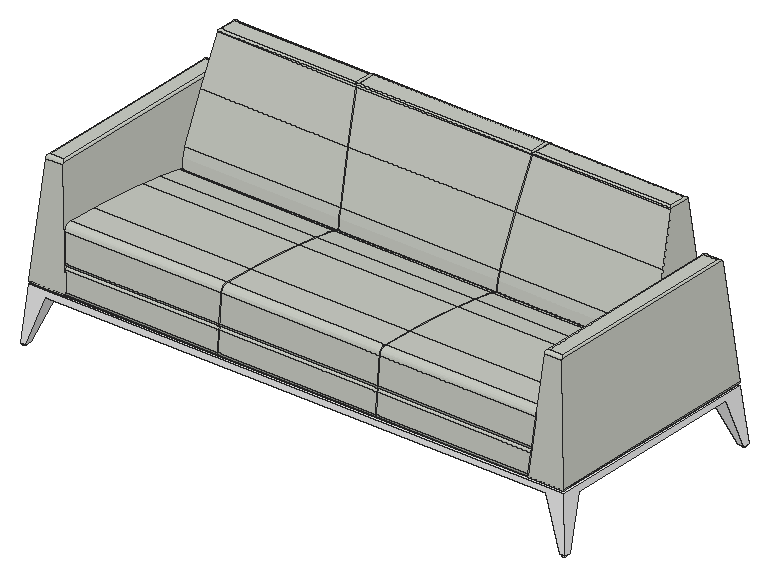
Revit family "Elan_VertexTwo_Sofa", category Furniture, Revit 2010
Parameters
  Width = 6' - 4"  # constant formula
  URL = "http://elanbydecca.com/"
  Upholstery [instance] = Furniture - DECCA (Elan) - Vertex - Upholstery
  Base [instance] = Furniture - DECCA (Elan) - Vertex - Base
  Product URL = "http://elanbydecca.com/PDFs/elan_tearsheet-vertex.pdf"
  Model = "VT LL500"
  Manufacturer = "Decca Contract"
  Height = 2' - 6"  # constant formula
  Description = "Vertex Two Sofa"
  Depth = 2' - 9"  # constant formula
  Assembly Description = "Furniture & Accessories"
  Assembly Code = "E2020200"
Reference planes (in)
  plane 1 "Center Front/Back": y = -0.7524
  plane 2: z = 0
  plane 3 "Center Left/Right": x = 0
  plane 4 "L": x = -38
  plane 5 "R": x = 38
  plane 6 "F": y = -16.7524
  plane 7: y = 15.2476
  plane 8: through (-6.25338, 2.33237, 23.38953) normal (0.4297, -0.4297, 0.7941)
  plane 9: z = 30
  plane 10: z = 16
  plane 11: x = -37.36862
  plane 12: x = -34.58452
  plane 13: x = -37.22423
  plane 14: x = 37.36862
  plane 15: x = 37.22423
  plane 16: z = 6.69972
  plane 17 "BT": z = 7.44949
  plane 18: z = 7.70022
  plane 19: x = -32.25435
  plane 20: x = 32.25435
  plane 21: z = 23.5
  plane 22: y = 14.61374
  plane 23: y = 14.47183
  plane 24: y = -16.11854
  plane 25: y = -15.97663
  plane 26: z = 0.19972
  plane 27: through (-15.22423, -180, 0.19694) normal (-0.9397, 0, 0.342)
  plane 28: through (0, 14.47183, 0.19694) normal (0, 0.9391, 0.3436)
  plane 29: y = 11.81791
  plane 30: y = -13.32271
  plane 31: x = 34.58452
  plane 32: through (0, 13.25934, 22.69446) normal (0, 0.9964, 0.0844)
  plane 33: through (0, -15.40972, 15.47123) normal (0, 0.9964, -0.0847)
  plane 34: through (-10.60194, -180, 18.93287) normal (0.996, 0, -0.0897)
  plane 35: through (10.60194, -180, 18.93287) normal (0.996, 0, 0.0897)
  plane 36: through (-10.60194, -180, 13.06713) normal (-0.996, 0, -0.0897)
  plane 37: through (10.60194, -180, 13.06713) normal (-0.996, 0, 0.0897)
  plane 38: z = 30
  plane 39: through (0, -14.08862, 10.99599) normal (0, 0.1045, 0.9945)
Forms (in)
  Blend 1, solid, material "Furniture - DECCA (Elan) - Vertex - Base" <- "Base"
    base sketch origin (0, 0, 8.32075) x (0, -1, 0) y (1, 0, 0)
      loop
        line (-15.2476, -38) -> (-14.47183, -38) -> (-14.47183, -37.22423) -> (-15.2476, -37.22423) -> (-15.2476, -38)
    top sketch origin (0, 0, 8.32075) x (0, -1, 0) y (1, 0, 0)
      loop
        line (-14.61374, -37.36862) -> (-11.81791, -37.36862) -> (-11.81791, -34.58452) -> (-14.61374, -34.58452) -> (-14.61374, -37.36862)
    from -8.12381 to -0.87126
  Blend 2, solid, material "Furniture - DECCA (Elan) - Vertex - Base" <- "Base"
    base sketch origin (0, -1.5048, 8.32075) x (0, -1, 0) y (1, 0, 0)
      loop
        line (15.2476, -38) -> (15.2476, -37.22423) -> (14.47183, -37.22423) -> (14.47183, -38) -> (15.2476, -38)
    top sketch origin (0, -1.5048, 8.32075) x (0, -1, 0) y (1, 0, 0)
      loop
        line (14.61374, -37.36862) -> (14.61374, -34.58452) -> (11.81791, -34.58452) -> (11.81791, -37.36862) -> (14.61374, -37.36862)
    from -8.12381 to -0.87126
  Blend 3, solid, material "Furniture - DECCA (Elan) - Vertex - Base" <- "Base"
    base sketch origin (0, -1.5048, 8.32075) x (0, 1, 0) y (-1, 0, 0)
      loop
        line (-15.2476, -38) -> (-14.47183, -38) -> (-14.47183, -37.22423) -> (-15.2476, -37.22423) -> (-15.2476, -38)
    top sketch origin (0, -1.5048, 8.32075) x (0, 1, 0) y (-1, 0, 0)
      loop
        line (-14.61374, -37.36862) -> (-11.81791, -37.36862) -> (-11.81791, -34.58452) -> (-14.61374, -34.58452) -> (-14.61374, -37.36862)
    from -8.12381 to -0.87126
  Blend 4, solid, material "Furniture - DECCA (Elan) - Vertex - Base" <- "Base"
    base sketch origin (0, 0, 8.32075) x (0, 1, 0) y (-1, 0, 0)
      loop
        line (15.2476, -38) -> (15.2476, -37.22423) -> (14.47183, -37.22423) -> (14.47183, -38) -> (15.2476, -38)
    top sketch origin (0, 0, 8.32075) x (0, 1, 0) y (-1, 0, 0)
      loop
        line (14.61374, -37.36862) -> (14.61374, -34.58452) -> (11.81791, -34.58452) -> (11.81791, -37.36862) -> (14.61374, -37.36862)
    from -8.12381 to -0.87126
  Extrusion 5, solid, material "Furniture - DECCA (Elan) - Vertex - Base" <- "Base"
    sketch origin (0, 0, 0) x (0, 1, 0) y (0, 0, 1)
      loop
        line (14.67927, 6.69972) -> (14.61374, 7.44949) -> (11.81791, 7.44949) -> (11.81791, 6.69972) -> (14.67927, 6.69972)
    from -37.36862 to 37.36862
  Extrusion 6, solid, material "Furniture - DECCA (Elan) - Vertex - Base" <- "Base"
    sketch origin (0, -1.5048, 0) x (0, -1, 0) y (0, 0, -1)
      loop
        line (14.67927, -6.69972) -> (11.81791, -6.69972) -> (11.81791, -7.44949) -> (14.61374, -7.44949) -> (14.67927, -6.69972)
    from -37.36862 to 37.36862
  Extrusion 7, solid, material "Furniture - DECCA (Elan) - Vertex - Base" <- "Base"
    sketch origin (0, -16.42176, 0) x (1, 0, 0) y (0, 0, -1)
      loop
        line (-37.43389, -6.69972) -> (-37.36862, -7.44949) -> (-34.58452, -7.44949) -> (-34.58452, -6.69972) -> (-37.43389, -6.69972)
      loop
        line (37.36862, -7.44949) -> (37.43389, -6.69972) -> (34.58452, -6.69972) -> (34.58452, -7.44949) -> (37.36862, -7.44949)
    from 0.30321 to 31.0355
  Extrusion 8, solid, material "Furniture - DECCA (Elan) - Vertex - Base" <- "Base"
    sketch origin (0, 0, 8.32075) x (0, -1, 0) y (1, 0, 0)
      loop
        circle (16.43547, 37.68431) r 0.25
      loop
        circle (16.43547, -37.68431) r 0.25
      loop
        circle (-14.93067, -37.68431) r 0.25
      loop
        circle (-14.93067, 37.68431) r 0.25
    from -8.32075 to -8.12102
  Extrusion 9, solid, material "Furniture - DECCA (Elan) - Vertex - Upholstery" <- "Upholstery"
    sketch origin (0, -16.42176, 0) x (1, 0, 0) y (0, 0, -1)
      loop
        line (-35.76398, -23.5) -> (-33.859, -23.5)
        arc (-33.859, -23.5) -> (-33.69006, -23.43428) -> (-33.60994, -23.27168) r 0.25
        line (-33.60994, -23.27168) -> (-32.278, -7.9719)
        arc (-32.278, -7.9719) -> (-32.34278, -7.78128) -> (-32.52706, -7.70022) r 0.25
        line (-32.52706, -7.70022) -> (-37.09591, -7.70022)
        arc (-37.09591, -7.70022) -> (-37.2802, -7.78128) -> (-37.34497, -7.9719) r 0.25
        line (-37.34497, -7.9719) -> (-36.01304, -23.27168)
        arc (-36.01304, -23.27168) -> (-35.93292, -23.43428) -> (-35.76398, -23.5) r 0.25
      loop
        line (32.278, -7.9719) -> (33.60994, -23.27168)
        arc (33.60994, -23.27168) -> (33.69006, -23.43428) -> (33.859, -23.5) r 0.25
        line (33.859, -23.5) -> (35.76398, -23.5)
        arc (35.76398, -23.5) -> (35.93292, -23.43428) -> (36.01304, -23.27168) r 0.25
        line (36.01304, -23.27168) -> (37.34497, -7.9719)
        arc (37.34497, -7.9719) -> (37.2802, -7.78128) -> (37.09591, -7.70022) r 0.25
        line (37.09591, -7.70022) -> (32.52706, -7.70022)
        arc (32.52706, -7.70022) -> (32.34278, -7.78128) -> (32.278, -7.9719) r 0.25
    from -0.33064 to 31.66936
  Extrusion 10, void
    sketch origin (0, 0, 0) x (0, 1, 0) y (0, 0, 1)
      loop
        line (14.55053, 7.44949) -> (16.4976, 7.44949) -> (16.4976, 30) -> (-18.0024, 30) -> (-18.0024, 7.44949) -> (-16.09189, 7.44949) -> (-14.76587, 23.04237)
        arc (-14.76587, 23.04237) -> (-14.60591, 23.36823) -> (-14.26767, 23.5) r 0.5
        line (-14.26767, 23.5) -> (12.73167, 23.5)
        arc (12.73167, 23.5) -> (13.06998, 23.36817) -> (13.22989, 23.0422) r 0.5
        line (13.22989, 23.0422) -> (14.55053, 7.44949)
    from -38 to 38
  Extrusion 11, solid, material "Furniture - DECCA (Elan) - Vertex - Upholstery" <- "Upholstery"
    sketch origin (0, 0, 0) x (0, 1, 0) y (0, 0, 1)
      loop
        line (12.41087, 30) -> (9.97402, 30)
        arc (9.97402, 30) -> (9.83242, 29.95603) -> (9.74063, 29.83959) r 0.25
        line (9.74063, 29.83959) -> (9.67423, 29.66662)
        arc (9.67423, 29.66662) -> (8.52817, 26.51784) -> (7.4927, 23.33098) r 96
        line (7.4927, 23.33098) -> (5.46904, 16.71189)
        arc (5.46904, 16.71189) -> (5.16239, 15.47882) -> (4.98785, 14.22024) r 12
        line (4.98785, 14.22024) -> (4.45645, 7.9714)
        arc (4.45645, 7.9714) -> (4.52143, 7.7811) -> (4.70555, 7.70022) r 0.25
        line (4.70555, 7.70022) -> (14.25723, 7.70022)
        arc (14.25723, 7.70022) -> (14.44131, 7.78107) -> (14.50633, 7.97132) r 0.25
        line (14.50633, 7.97132) -> (12.65997, 29.7711)
        arc (12.65997, 29.7711) -> (12.58002, 29.93409) -> (12.41087, 30) r 0.25
    from 0 to 34.58452
  Extrusion 12, void
    sketch origin (0, -16.42176, 0) x (1, 0, 0) y (0, 0, -1)
      loop
        line (12.2624, -29.77242) -> (11.18994, -17.86399)
        arc (11.18994, -17.86399) -> (11.08112, -16.25109) -> (11.04483, -14.63493) r 36
        line (11.04483, -14.63493) -> (11.04483, -7.44949) -> (-27.25, -7.44949) -> (-27.25, -31.75) -> (34.58452, -31.75) -> (34.58452, -7.70022) -> (32.25435, -7.70022) -> (32.83026, -14.3156)
        arc (32.83026, -14.3156) -> (32.85381, -15.39007) -> (32.8271, -16.46446) r 22.97837
        line (32.8271, -16.46446) -> (31.62574, -29.77242)
        arc (31.62574, -29.77242) -> (31.54541, -29.93453) -> (31.37675, -30) r 0.25
        line (31.37675, -30) -> (12.51139, -30)
        arc (12.51139, -30) -> (12.34273, -29.93453) -> (12.2624, -29.77242) r 0.25
    from 0 to 32.91936
  Extrusion 13, solid, material "Furniture - DECCA (Elan) - Vertex - Upholstery" <- "Upholstery"
    sketch origin (0, 0, 0) x (0, 1, 0) y (0, 0, 1)
      loop
        arc (4.96754, 13.98136) -> (4.89506, 14.23656) -> (4.67185, 14.37994) r 0.375
        line (4.67185, 14.37994) -> (4.26998, 14.46537)
        arc (4.26998, 14.46537) -> (2.72687, 14.75833) -> (1.17245, 14.98371) r 36
        line (1.17245, 14.98371) -> (-1.81029, 15.34995)
        arc (-1.81029, 15.34995) -> (-5.97767, 15.76958) -> (-10.15939, 16.00704) r 96
        line (-10.15939, 16.00704) -> (-14.39805, 16.15505)
        arc (-14.39805, 16.15505) -> (-15.09648, 15.90381) -> (-15.42935, 15.2404) r 1
        line (-15.42935, 15.2404) -> (-16.03598, 8.107)
        arc (-16.03598, 8.107) -> (-15.9385, 7.82154) -> (-15.66233, 7.70022) r 0.375
        line (-15.66233, 7.70022) -> (4.14633, 7.70022)
        arc (4.14633, 7.70022) -> (4.35773, 7.78258) -> (4.45771, 7.98624) r 0.3125
        line (4.45771, 7.98624) -> (4.96754, 13.98136)
    from 0 to 34.58452
  Sweep 14, solid, material "Furniture - DECCA (Elan) - Vertex - Base" <- "Base"
    path origin (0, 0, 7.44949) x (0, -1, 0) y (1, 0, 0)
      loop
        line (-11.81791, 34.58452) -> (-11.81791, -34.58452) -> (13.32271, -34.58452) -> (13.32271, 34.58452) -> (-11.81791, 34.58452)
    profile origin (0, 11.81791, 7.44949) x (0, -1, 0) y (0, 0, 1)
      loop
        line (-0.59791, 0) -> (-0.59791, 0.25073) -> (-2.59791, 0.25073) -> (-2.34718, 0) -> (-0.59791, 0)
  Extrusion 15, solid, material "Furniture - DECCA (Elan) - Vertex - Upholstery" <- "Upholstery"
    sketch origin (-23.58452, 0, 0) x (0, 1, 0) y (0, 0, 1)
      loop
        line (12.41087, 30) -> (9.97402, 30)
        arc (9.97402, 30) -> (9.83242, 29.95603) -> (9.74063, 29.83959) r 0.25
        line (9.74063, 29.83959) -> (9.67423, 29.66662)
        arc (9.67423, 29.66662) -> (8.52817, 26.51784) -> (7.4927, 23.33098) r 96
        line (7.4927, 23.33098) -> (5.46904, 16.71189)
        arc (5.46904, 16.71189) -> (5.16239, 15.47882) -> (4.98785, 14.22024) r 12
        line (4.98785, 14.22024) -> (4.45645, 7.9714)
        arc (4.45645, 7.9714) -> (4.52143, 7.7811) -> (4.70555, 7.70022) r 0.25
        line (4.70555, 7.70022) -> (14.25723, 7.70022)
        arc (14.25723, 7.70022) -> (14.44131, 7.78107) -> (14.50633, 7.97132) r 0.25
        line (14.50633, 7.97132) -> (12.65997, 29.7711)
        arc (12.65997, 29.7711) -> (12.58002, 29.93409) -> (12.41087, 30) r 0.25
    from -11 to 23.58452
  Extrusion 16, solid, material "Furniture - DECCA (Elan) - Vertex - Upholstery" <- "Upholstery"
    sketch origin (-23.58452, 0, 0) x (0, 1, 0) y (0, 0, 1)
      loop
        arc (4.96754, 13.98136) -> (4.89506, 14.23656) -> (4.67185, 14.37994) r 0.375
        line (4.67185, 14.37994) -> (4.26998, 14.46537)
        arc (4.26998, 14.46537) -> (2.72687, 14.75833) -> (1.17245, 14.98371) r 36
        line (1.17245, 14.98371) -> (-1.81029, 15.34995)
        arc (-1.81029, 15.34995) -> (-5.97767, 15.76958) -> (-10.15939, 16.00704) r 96
        line (-10.15939, 16.00704) -> (-14.39805, 16.15505)
        arc (-14.39805, 16.15505) -> (-15.09648, 15.90381) -> (-15.42935, 15.2404) r 1
        line (-15.42935, 15.2404) -> (-16.03598, 8.107)
        arc (-16.03598, 8.107) -> (-15.9385, 7.82154) -> (-15.66233, 7.70022) r 0.375
        line (-15.66233, 7.70022) -> (4.14633, 7.70022)
        arc (4.14633, 7.70022) -> (4.35773, 7.78258) -> (4.45771, 7.98624) r 0.3125
        line (4.45771, 7.98624) -> (4.96754, 13.98136)
    from -11 to 23.58452
  Extrusion 17, solid, material "Furniture - DECCA (Elan) - Vertex - Upholstery" <- "Upholstery"
    sketch origin (36.25, 0, 0) x (0, 1, 0) y (0, 0, 1)
      loop
        line (12.41087, 30) -> (9.97402, 30)
        arc (9.97402, 30) -> (9.83242, 29.95603) -> (9.74063, 29.83959) r 0.25
        line (9.74063, 29.83959) -> (9.67423, 29.66662)
        arc (9.67423, 29.66662) -> (8.52817, 26.51784) -> (7.4927, 23.33098) r 96
        line (7.4927, 23.33098) -> (5.46904, 16.71189)
        arc (5.46904, 16.71189) -> (5.16239, 15.47882) -> (4.98785, 14.22024) r 12
        line (4.98785, 14.22024) -> (4.45645, 7.9714)
        arc (4.45645, 7.9714) -> (4.52143, 7.7811) -> (4.70555, 7.70022) r 0.25
        line (4.70555, 7.70022) -> (14.25723, 7.70022)
        arc (14.25723, 7.70022) -> (14.44131, 7.78107) -> (14.50633, 7.97132) r 0.25
        line (14.50633, 7.97132) -> (12.65997, 29.7711)
        arc (12.65997, 29.7711) -> (12.58002, 29.93409) -> (12.41087, 30) r 0.25
    from -56.82895 to -14.20517
  Extrusion 18, solid, material "Furniture - DECCA (Elan) - Vertex - Upholstery" <- "Upholstery"
    sketch origin (46.75, 0, 0) x (0, 1, 0) y (0, 0, 1)
      loop
        arc (4.96754, 13.98136) -> (4.89506, 14.23656) -> (4.67185, 14.37994) r 0.375
        line (4.67185, 14.37994) -> (4.26998, 14.46537)
        arc (4.26998, 14.46537) -> (2.72687, 14.75833) -> (1.17245, 14.98371) r 36
        line (1.17245, 14.98371) -> (-1.81029, 15.34995)
        arc (-1.81029, 15.34995) -> (-5.97767, 15.76958) -> (-10.15939, 16.00704) r 96
        line (-10.15939, 16.00704) -> (-14.39805, 16.15505)
        arc (-14.39805, 16.15505) -> (-15.09648, 15.90381) -> (-15.42935, 15.2404) r 1
        line (-15.42935, 15.2404) -> (-16.03598, 8.107)
        arc (-16.03598, 8.107) -> (-15.9385, 7.82154) -> (-15.66233, 7.70022) r 0.375
        line (-15.66233, 7.70022) -> (4.14633, 7.70022)
        arc (4.14633, 7.70022) -> (4.35773, 7.78258) -> (4.45771, 7.98624) r 0.3125
        line (4.45771, 7.98624) -> (4.96754, 13.98136)
    from -67.32895 to -24.70517
  Extrusion 19, void
    sketch origin (0, -16.42176, 0) x (-1, 0, 0) y (0, 0, 1)
      loop
        arc (12.2624, 29.77242) -> (12.34273, 29.93453) -> (12.51139, 30) r 0.25
        line (12.51139, 30) -> (31.37675, 30)
        arc (31.37675, 30) -> (31.54539, 29.93455) -> (31.62573, 29.77248) r 0.25
        line (31.62573, 29.77248) -> (32.8271, 16.46446)
        arc (32.8271, 16.46446) -> (32.85381, 15.39007) -> (32.83026, 14.3156) r 22.97837
        line (32.83026, 14.3156) -> (32.25435, 7.70022) -> (34.58452, 7.70022) -> (34.58452, 31.75) -> (-27.25, 31.75) -> (-27.25, 7.44949) -> (11.04502, 7.44949) -> (11.04502, 14.63714)
        arc (11.04502, 14.63714) -> (11.08132, 16.25329) -> (11.19013, 17.8662) r 36
        line (11.19013, 17.8662) -> (12.2624, 29.77242)
    from 0 to 32.91936
  Extrusion 20, void
    sketch origin (0.16548, -16.42176, 0) x (-1, 0, 0) y (0, 0, 1)
      loop
        line (12.42384, 29.72758) -> (11.35562, 17.8662)
        arc (11.35562, 17.8662) -> (11.2468, 16.25329) -> (11.21051, 14.63714) r 36
        line (11.21051, 14.63714) -> (11.21051, 7.70022) -> (22.41548, 7.70022) -> (22.41548, 31.75) -> (-24.96406, 31.75) -> (-24.96406, 7.70022) -> (-10.87954, 7.70022) -> (-10.87954, 14.63714)
        arc (-10.87954, 14.63714) -> (-10.91584, 16.25329) -> (-11.02465, 17.8662) r 36
        line (-11.02465, 17.8662) -> (-12.09288, 29.72758)
        arc (-12.09288, 29.72758) -> (-12.02842, 29.91866) -> (-11.84388, 30) r 0.25
        line (-11.84388, 30) -> (12.17485, 30)
        arc (12.17485, 30) -> (12.35939, 29.91866) -> (12.42384, 29.72758) r 0.25
    from 0 to 32.91936
  Extrusion 21, void
    sketch origin (0, 0, 0) x (0, 1, 0) y (0, 0, 1)
      loop
        arc (-15.40157, 11.14149) -> (-15.65648, 11.2734) -> (-15.74345, 11.54692) r 0.375
        arc (-15.74345, 11.54692) -> (-16.14887, 11.20504) -> (-15.807, 10.79961) r 0.375
        arc (-15.807, 10.79961) -> (-15.67509, 11.05452) -> (-15.40157, 11.14149) r 0.375
    from -33.46539 to 33.75
Cuts and joins
  Extrusion 10, Extrusion 19, Extrusion 20 cuts Blend 1
  Extrusion 10, Extrusion 19, Extrusion 20 cuts Blend 2
  Extrusion 10, Extrusion 19, Extrusion 20 cuts Blend 3
  Extrusion 10, Extrusion 19, Extrusion 20 cuts Blend 4
  Extrusion 10, Extrusion 19, Extrusion 20 cuts Extrusion 5
  Extrusion 10, Extrusion 19, Extrusion 20 cuts Extrusion 6
  Extrusion 10, Extrusion 19, Extrusion 20 cuts Extrusion 7
  Extrusion 10, Extrusion 19, Extrusion 20 cuts Extrusion 8
  Extrusion 20 cuts Sweep 14
  joined: Blend 1, Blend 2, Blend 3, Blend 4, Extrusion 5, Extrusion 6, Extrusion 7, Extrusion 8, Sweep 14
  Extrusion 10, Extrusion 20 cuts Extrusion 9
  Extrusion 12 cuts Extrusion 11
  Extrusion 12, Extrusion 21 cuts Extrusion 13
  Extrusion 19 cuts Extrusion 15
  Extrusion 19, Extrusion 21 cuts Extrusion 16
  Extrusion 20 cuts Extrusion 17
  Extrusion 20, Extrusion 21 cuts Extrusion 18
Lines and regions (in)
  model lines
    curve 1: line (37.36862, 14.61374, 7.44949) -> (34.85741, 14.67927, 6.69972)
    curve 2: line (-34.85741, 14.67927, 6.69972) -> (-37.36862, 14.61374, 7.44949)
    curve 3: line (37.36862, -16.11854, 7.44949) -> (37.43389, -13.59707, 6.69972)
    curve 4: line (37.43389, 12.09227, 6.69972) -> (37.36862, 14.61374, 7.44949)
    curve 5: line (-37.36862, 14.61374, 7.44949) -> (-37.43389, 12.09227, 6.69972)
    curve 6: line (-37.43389, -13.59707, 6.69972) -> (-37.36862, -16.11854, 7.44949)
    curve 7: line (34.85741, -16.18407, 6.69972) -> (37.36862, -16.11854, 7.44949)
    curve 8: line (-37.36862, -16.11854, 7.44949) -> (-34.85741, -16.18407, 6.69972)
Dimensions and locks (in)
  equal spacing: plane 4 "L", plane 3 "Center Left/Right", plane 5 "R"
  equal spacing: plane 7, plane 1 "Center Front/Back", plane 6 "F"
  "Width": plane 4 "L" to plane 5 "R"
  "Height": plane 9 to level
  plane 18 to plane 17 "BT" to plane 16 to level = 0' - 0.25073" locked, 0' - 0.74977" locked, 0' - 6.69972" locked
  plane 12 to plane 13 to plane 11 to plane 4 "L" = 0' - 2.63971" locked, 0' - 0.14439" locked, 0' - 0.63138" locked
  locked: plane 19 to plane 4 "L" at 5.74565
  locked: plane 5 "R" to plane 20 at 5.74565
  locked: plane 10 to level at 16
  locked: plane 21 to level at 23.5
  locked: plane 26 to level at 0.19972
  plane 7 to plane 22 to plane 23 to plane 29 = 0' - 0.63386" locked, 0' - 0.14191" locked, 0' - 2.65392" locked
  plane 30 to plane 25 to plane 24 to plane 6 "F" = 0' - 2.65392" locked, 0' - 0.14191" locked, 0' - 0.63386" locked
  plane 31 to plane 15 to plane 14 to plane 5 "R" = 0' - 2.63971" locked, 0' - 0.14439" locked, 0' - 0.63138" locked
  aligned and locked: Blend 2 sketch curve to plane 4 "L"
  aligned and locked: Blend 2 sketch curve to plane 6 "F"
  aligned and locked: plane 13 to Blend 2 sketch curve
  aligned and locked: plane 25 to Blend 2 sketch curve
  aligned and locked: Blend 2 sketch curve to plane 24
  aligned and locked: plane 12 to Blend 2 sketch curve
  aligned and locked: plane 30 to Blend 2 sketch curve
  aligned and locked: Blend 2 sketch curve to plane 11
  aligned and locked: Blend 3 sketch curve to plane 25
  aligned and locked: Blend 3 sketch curve to plane 15
  aligned and locked: plane 6 "F" to Blend 3 sketch curve
  aligned and locked: plane 5 "R" to Blend 3 sketch curve
  aligned and locked: plane 24 to Blend 3 sketch curve
  aligned and locked: plane 14 to Blend 3 sketch curve
  aligned and locked: Blend 3 sketch curve to plane 31
  aligned and locked: Blend 3 sketch curve to plane 30
  aligned and locked: plane 7 to Blend 4 sketch curve
  aligned and locked: Blend 4 sketch curve to plane 5 "R"
  aligned and locked: plane 23 to Blend 4 sketch curve
  aligned and locked: plane 15 to Blend 4 sketch curve
  aligned and locked: Blend 4 sketch curve to plane 22
  aligned and locked: Blend 4 sketch curve to plane 14
  aligned and locked: plane 29 to Blend 4 sketch curve
  aligned and locked: plane 31 to Blend 4 sketch curve
  aligned and locked: Blend 1 to Extrusion 5 sketch curve
  aligned and locked: plane 16 to Extrusion 5 sketch curve
  aligned and locked: plane 17 "BT" to Extrusion 5 sketch curve
  aligned and locked: Extrusion 5 sketch curve to plane 29
  aligned and locked: Extrusion 5 to plane 11
  aligned and locked: Extrusion 5 to plane 14
  aligned and locked: Extrusion 6 to plane 11
  aligned and locked: Extrusion 6 to plane 14
  aligned and locked: plane 12 to Extrusion 7 sketch curve
  aligned and locked: plane 16 to Extrusion 7 sketch curve
  aligned and locked: plane 17 "BT" to Extrusion 7 sketch curve
  aligned and locked: Extrusion 7 sketch curve to plane 16
  aligned and locked: Extrusion 7 sketch curve to plane 17 "BT"
  aligned and locked: Extrusion 7 sketch curve to plane 31
  aligned and locked: Extrusion 7 to plane 22
  aligned and locked: Extrusion 7 to plane 24
  aligned and locked: Extrusion 8 to level
  aligned and locked: Extrusion 8 to plane 26
  aligned and locked: plane 21 to Extrusion 9 sketch curve  (x2)
  aligned and locked: plane 18 to Extrusion 9 sketch curve
  aligned and locked: Extrusion 10 sketch curve to plane 32
  aligned and locked: plane 9 to Extrusion 10 sketch curve
  aligned and locked: plane 17 "BT" to Extrusion 10 sketch curve
  aligned and locked: plane 33 to Extrusion 10 sketch curve
  aligned and locked: Extrusion 10 to plane 4 "L"
  aligned and locked: Extrusion 10 to plane 5 "R"
  aligned and locked: Extrusion 9 sketch curve to plane 18
  aligned and locked: plane 9 to Extrusion 11 sketch curve
  aligned and locked: plane 32 to Extrusion 11 sketch curve
  aligned and locked: plane 18 to Extrusion 11 sketch curve
  aligned: Extrusion 11 to plane 12
  aligned and locked: plane 17 "BT" to Extrusion 12 sketch curve
  aligned and locked: plane 9 to Extrusion 12 sketch curve
  aligned and locked: Extrusion 12 sketch curve to plane 18
  aligned and locked: plane 18 to Extrusion 13 sketch curve
  aligned and locked: plane 33 to Extrusion 13 sketch curve
  aligned: Extrusion 13 to plane 12
  aligned and locked: plane 29 to Sweep 14 sketch curve
  aligned and locked: Sweep 14 sketch curve to plane 30
  aligned and locked: Sweep 14 sketch curve to plane 31
  aligned and locked: plane 12 to Sweep 14 sketch curve
  aligned and locked: plane 21 to Extrusion 10 sketch curve
Automatic sketch dimensions
  Blend 1 sketch curve to plane 7 = 0' - 0"
  Blend 1 sketch curve to plane 4 "L" = 0' - 0"
  plane 23 to Blend 1 sketch curve = 0' - 0"
  Blend 1 sketch curve to plane 13 = 0' - 0"
  Blend 1 sketch curve to plane 12 = 0' - 0"
  plane 22 to Blend 1 sketch curve = 0' - 0"
  Blend 1 sketch curve to plane 11 = 0' - 0"
  plane 29 to Blend 1 sketch curve = 0' - 0"
  Extrusion 5 to curve 1 = 0' - 0"  (x2)
  Extrusion 5 to curve 2 = 0' - 0"
  curve 1 to Extrusion 5 = 0' - 0"
  curve 2 to Extrusion 5 = 0' - 0"  (x2)
  Extrusion 5 to curve 2 = 0' - 2.51122"
  Extrusion 5 to curve 1 = 0' - 2.51122"
  plane 17 "BT" to Extrusion 6 sketch curve = 0' - 0"
  Extrusion 6 sketch curve to plane 30 = 0' - 0"
  plane 16 to Extrusion 6 sketch curve = 0' - 0"
  Extrusion 6 sketch curve to plane 24 = 0' - 0"
  plane 24 to Extrusion 6 sketch curve = 0' - 0.06553"
  Extrusion 7 sketch curve to plane 11 = 0' - 0"
  plane 11 to Extrusion 7 sketch curve = 0' - 0.06527"
  Extrusion 7 sketch curve to plane 14 = 0' - 0"
  plane 14 to Extrusion 7 sketch curve = 0' - 0.06527"
  curve 3 to Blend 4 = 0' - 0"
  Blend 4 to curve 4 = 0' - 0"
  curve 4 to Blend 4 = 0' - 0"  (x2)
  Blend 4 to curve 4 = 0' - 0.7526"
  Blend 4 to curve 3 = 0' - 0.7526"
  curve 3 to curve 4 = 2' - 1.68934"
  curve 3 to curve 3 = 0' - 2.52147"
  curve 5 to Blend 1 = 0' - 0"
  Blend 1 to curve 5 = 0' - 0"  (x2)
  curve 6 to Blend 1 = 0' - 0"
  Blend 1 to curve 5 = 0' - 0.7526"
  Blend 1 to curve 6 = 0' - 0.7526"
  curve 5 to curve 6 = 2' - 1.68934"
  curve 6 to curve 6 = 0' - 2.52147"
  Blend 2 to curve 8 = 0' - 0"  (x2)
  Blend 2 to curve 7 = 0' - 0"
  curve 8 to Blend 2 = 0' - 0"
  Blend 2 to curve 8 = 0' - 0.75262"
  Blend 2 to curve 7 = 0' - 0.75262"
  curve 8 to curve 7 = 5' - 9.71482"
  curve 7 to curve 7 = 0' - 2.51122"
  Extrusion 8 sketch curve to plane 7 = 0' - 0.31693"  (x2)
  plane 6 "F" to Extrusion 8 sketch curve = 0' - 0.31693"  (x2)
  plane 4 "L" to Extrusion 8 sketch curve = 0' - 0.31569"  (x2)
  plane 5 "R" to Extrusion 8 sketch curve = 0' - 0.31569"  (x2)
  Extrusion 9 sketch curve to plane 11 = 0' - 0.02365"
  Extrusion 9 sketch curve to plane 13 = 0' - 0.12832"
  plane 21 to Extrusion 9 sketch curve = 0' - 0.22832"  (x2)
  Extrusion 9 sketch curve to plane 13 = 0' - 1.21119"
  Extrusion 9 sketch curve to Extrusion 9 sketch curve = 0' - 0.24906"  (x5)
  Extrusion 9 sketch curve to plane 12 = 0' - 0.72552"
  Extrusion 9 sketch curve to plane 19 = 0' - 0.27271"
  Extrusion 9 sketch curve to plane 19 = 0' - 0.02365"
  Extrusion 9 sketch curve to plane 20 = 0' - 0.02365"
  Extrusion 9 sketch curve to plane 31 = 0' - 0.97458"
  plane 31 to Extrusion 9 sketch curve = 0' - 1.17946"
  Extrusion 9 sketch curve to plane 15 = 0' - 0.12832"
  Extrusion 9 sketch curve to plane 14 = 0' - 0.02365"
  Extrusion 9 sketch curve to Extrusion 9 sketch curve = 0' - 0 1/4"  (x6)
  plane 17 "BT" to Extrusion 10 sketch curve = 0' - 0"
  Extrusion 10 sketch curve to plane 6 "F" = 0' - 1 1/4"
  Extrusion 10 sketch curve to plane 21 = 0' - 0.45763"
  Extrusion 10 sketch curve to Extrusion 10 sketch curve = 0' - 0.4982"
  Extrusion 10 sketch curve to plane 21 = 0' - 0 1/2"
  Extrusion 10 sketch curve to plane 21 = 0' - 0.4578"
  plane 7 to Extrusion 10 sketch curve = 0' - 1 1/4"
  Extrusion 11 sketch curve to plane 18 = 0' - 0.27118"
  Extrusion 11 sketch curve to plane 1 "Center Front/Back" = 0' - 5.20885"
  Extrusion 11 sketch curve to Extrusion 11 sketch curve = 0' - 0.2491"
  Extrusion 11 sketch curve to plane 10 = 0' - 1.77976"
  Extrusion 11 sketch curve to plane 1 "Center Front/Back" = 0' - 5.74025"
  plane 10 to Extrusion 11 sketch curve = 0' - 0.71189"
  Extrusion 11 sketch curve to Extrusion 11 sketch curve = 0' - 0.48119"
  Extrusion 11 sketch curve to plane 21 = 0' - 0.16902"
  plane 29 to Extrusion 11 sketch curve = 0' - 4.32522"
  Extrusion 11 sketch curve to plane 9 = 0' - 0.33338"
  Extrusion 11 sketch curve to Extrusion 11 sketch curve = 0' - 2.18154"
  Extrusion 11 sketch curve to plane 9 = 0' - 0.16041"
  Extrusion 11 sketch curve to Extrusion 11 sketch curve = 0' - 0 17/256"
  Extrusion 11 sketch curve to Extrusion 11 sketch curve = 0' - 0.2334"
  Extrusion 11 sketch curve to plane 9 = 0' - 0 1/4"
  Extrusion 11 sketch curve to plane 9 = 0' - 0.2289"
  plane 23 to Extrusion 11 sketch curve = 0' - 0.21461"
  Extrusion 11 sketch curve to plane 23 = 0' - 0.0345"
  plane 7 to Extrusion 11 sketch curve = 0' - 1.69709"
  Extrusion 11 sketch curve to level = 0' - 4.73671"
  Extrusion 13 sketch curve to plane 25 = 0' - 0.05935"
  plane 25 to Extrusion 13 sketch curve = 0' - 0.3143"
  plane 25 to Extrusion 13 sketch curve = 0' - 0.54728"
  Extrusion 13 sketch curve to Extrusion 13 sketch curve = 0' - 0.9964"
  plane 10 to Extrusion 13 sketch curve = 0' - 0.15505"
  Extrusion 13 sketch curve to Extrusion 13 sketch curve = 0' - 0.0349"
  Extrusion 13 sketch curve to plane 30 = 0' - 0.18703"
  plane 10 to Extrusion 13 sketch curve = 0' - 0.00704"
  plane 30 to Extrusion 13 sketch curve = 0' - 3.16332"
  plane 1 "Center Front/Back" to Extrusion 13 sketch curve = 0' - 2.46245"
  Extrusion 13 sketch curve to plane 10 = 0' - 0.65005"
  plane 1 "Center Front/Back" to Extrusion 13 sketch curve = 0' - 1.05789"
  Extrusion 13 sketch curve to plane 10 = 0' - 1.01629"
  Extrusion 13 sketch curve to plane 1 "Center Front/Back" = 0' - 1.92485"
  Extrusion 13 sketch curve to plane 18 = 0' - 0 5/16"
  Extrusion 13 sketch curve to plane 1 "Center Front/Back" = 0' - 4.89873"
  Extrusion 13 sketch curve to plane 10 = 0' - 1.53463"
  Extrusion 13 sketch curve to Extrusion 13 sketch curve = 0' - 3.09752"
  Extrusion 13 sketch curve to plane 18 = 0' - 0.28602"
  Extrusion 13 sketch curve to Extrusion 13 sketch curve = 0' - 0.32391"
  Extrusion 13 sketch curve to plane 10 = 0' - 1.62006"
  Extrusion 13 sketch curve to Extrusion 13 sketch curve = 0' - 0.07797"
  Extrusion 13 sketch curve to Extrusion 13 sketch curve = 0' - 0.37365"
  Extrusion 13 sketch curve to Extrusion 13 sketch curve = 0' - 0.39858"
  plane 17 "BT" to Sweep 14 sketch curve = 0' - 0"
  Sweep 14 sketch curve to plane 17 "BT" = 0' - 0.25073"
  profile plane to Sweep 14 sketch curve = 0' - 2.59791"
  Sweep 14 sketch curve to Sweep 14 sketch curve = 0' - 0.25073"
  profile plane to Sweep 14 sketch curve = 0' - 0.59791"
  plane 18 to Extrusion 15 sketch curve = 0' - 0"
  Extrusion 15 sketch curve to plane 9 = 0' - 0"
  Extrusion 15 sketch curve to plane 32 = 0' - 0"  (x2)
  Extrusion 15 sketch curve to plane 18 = 0' - 0.27118"
  Extrusion 15 sketch curve to plane 1 "Center Front/Back" = 0' - 5.20885"
  Extrusion 15 sketch curve to plane 18 = 0' - 0 1/4"
  Extrusion 15 sketch curve to plane 10 = 0' - 1.77976"
  Extrusion 15 sketch curve to plane 1 "Center Front/Back" = 0' - 5.74025"
  plane 10 to Extrusion 15 sketch curve = 0' - 0.71189"
  Extrusion 15 sketch curve to Extrusion 15 sketch curve = 0' - 0.48119"
  Extrusion 15 sketch curve to plane 21 = 0' - 0.16902"
  plane 29 to Extrusion 15 sketch curve = 0' - 4.32522"
  Extrusion 15 sketch curve to plane 9 = 0' - 0.33338"
  Extrusion 15 sketch curve to Extrusion 15 sketch curve = 0' - 2.18154"
  Extrusion 15 sketch curve to plane 9 = 0' - 0.16041"
  Extrusion 15 sketch curve to Extrusion 15 sketch curve = 0' - 0 17/256"
  Extrusion 15 sketch curve to Extrusion 15 sketch curve = 0' - 0.2334"
  Extrusion 15 sketch curve to plane 9 = 0' - 0 1/4"
  Extrusion 15 sketch curve to plane 9 = 0' - 0.2289"
  plane 23 to Extrusion 15 sketch curve = 0' - 0.21461"
  Extrusion 15 sketch curve to plane 23 = 0' - 0.0345"
  plane 7 to Extrusion 15 sketch curve = 0' - 1.69709"
  Extrusion 15 sketch curve to level = 0' - 4.73671"
  plane 33 to Extrusion 16 sketch curve = 0' - 0"  (x2)
  plane 18 to Extrusion 16 sketch curve = 0' - 0"
  Extrusion 16 sketch curve to plane 25 = 0' - 0.05935"
  plane 25 to Extrusion 16 sketch curve = 0' - 0.3143"
  plane 25 to Extrusion 16 sketch curve = 0' - 0.54728"
  Extrusion 16 sketch curve to Extrusion 16 sketch curve = 0' - 0.9964"
  plane 10 to Extrusion 16 sketch curve = 0' - 0.15505"
  Extrusion 16 sketch curve to Extrusion 16 sketch curve = 0' - 0.0349"
  Extrusion 16 sketch curve to plane 30 = 0' - 0.18703"
  plane 10 to Extrusion 16 sketch curve = 0' - 0.00704"
  plane 30 to Extrusion 16 sketch curve = 0' - 3.16332"
  plane 1 "Center Front/Back" to Extrusion 16 sketch curve = 0' - 2.46245"
  Extrusion 16 sketch curve to plane 10 = 0' - 0.65005"
  plane 1 "Center Front/Back" to Extrusion 16 sketch curve = 0' - 1.05789"
  Extrusion 16 sketch curve to plane 10 = 0' - 1.01629"
  Extrusion 16 sketch curve to plane 1 "Center Front/Back" = 0' - 1.92485"
  Extrusion 16 sketch curve to plane 18 = 0' - 0 5/16"
  Extrusion 16 sketch curve to plane 1 "Center Front/Back" = 0' - 4.89873"
  Extrusion 16 sketch curve to plane 10 = 0' - 1.53463"
  Extrusion 16 sketch curve to Extrusion 16 sketch curve = 0' - 3.09752"
  Extrusion 16 sketch curve to plane 18 = 0' - 0.28602"
  Extrusion 16 sketch curve to Extrusion 16 sketch curve = 0' - 0.32391"
  Extrusion 16 sketch curve to plane 10 = 0' - 1.62006"
  Extrusion 16 sketch curve to Extrusion 16 sketch curve = 0' - 0.07797"
  Extrusion 16 sketch curve to Extrusion 16 sketch curve = 0' - 0.37365"
  Extrusion 16 sketch curve to Extrusion 16 sketch curve = 0' - 0.39858"
  plane 18 to Extrusion 17 sketch curve = 0' - 0"
  Extrusion 17 sketch curve to plane 9 = 0' - 0"
  Extrusion 17 sketch curve to plane 32 = 0' - 0"  (x2)
  Extrusion 17 sketch curve to plane 18 = 0' - 0.27118"
  Extrusion 17 sketch curve to plane 1 "Center Front/Back" = 0' - 5.20885"
  Extrusion 17 sketch curve to Extrusion 17 sketch curve = 0' - 0.2491"
  Extrusion 17 sketch curve to plane 10 = 0' - 1.77976"
  Extrusion 17 sketch curve to plane 1 "Center Front/Back" = 0' - 5.74025"
  plane 10 to Extrusion 17 sketch curve = 0' - 0.71189"
  Extrusion 17 sketch curve to Extrusion 17 sketch curve = 0' - 0.48119"
  Extrusion 17 sketch curve to plane 21 = 0' - 0.16902"
  plane 29 to Extrusion 17 sketch curve = 0' - 4.32522"
  Extrusion 17 sketch curve to plane 9 = 0' - 0.33338"
  Extrusion 17 sketch curve to Extrusion 17 sketch curve = 0' - 2.18154"
  Extrusion 17 sketch curve to plane 9 = 0' - 0.16041"
  Extrusion 17 sketch curve to Extrusion 17 sketch curve = 0' - 0 17/256"
  Extrusion 17 sketch curve to Extrusion 17 sketch curve = 0' - 0.2334"
  Extrusion 17 sketch curve to plane 9 = 0' - 0 1/4"
  Extrusion 17 sketch curve to plane 9 = 0' - 0.2289"
  plane 23 to Extrusion 17 sketch curve = 0' - 0.21461"
  Extrusion 17 sketch curve to plane 23 = 0' - 0.0345"
  plane 7 to Extrusion 17 sketch curve = 0' - 1.69709"
  Extrusion 17 sketch curve to level = 0' - 4.73671"
  plane 33 to Extrusion 18 sketch curve = 0' - 0"  (x2)
  plane 18 to Extrusion 18 sketch curve = 0' - 0"
  Extrusion 18 sketch curve to plane 25 = 0' - 0.05935"
  plane 25 to Extrusion 18 sketch curve = 0' - 0.3143"
  plane 25 to Extrusion 18 sketch curve = 0' - 0.54728"
  Extrusion 18 sketch curve to Extrusion 18 sketch curve = 0' - 0.9964"
  plane 10 to Extrusion 18 sketch curve = 0' - 0.15505"
  Extrusion 18 sketch curve to Extrusion 18 sketch curve = 0' - 0.0349"
  Extrusion 18 sketch curve to plane 30 = 0' - 0.18703"
  plane 10 to Extrusion 18 sketch curve = 0' - 0.00704"
  plane 30 to Extrusion 18 sketch curve = 0' - 3.16332"
  plane 1 "Center Front/Back" to Extrusion 18 sketch curve = 0' - 2.46245"
  Extrusion 18 sketch curve to plane 10 = 0' - 0.65005"
  plane 1 "Center Front/Back" to Extrusion 18 sketch curve = 0' - 1.05789"
  Extrusion 18 sketch curve to plane 10 = 0' - 1.01629"
  Extrusion 18 sketch curve to plane 1 "Center Front/Back" = 0' - 1.92485"
  Extrusion 18 sketch curve to plane 18 = 0' - 0 5/16"
  Extrusion 18 sketch curve to plane 1 "Center Front/Back" = 0' - 4.89873"
  Extrusion 18 sketch curve to plane 10 = 0' - 1.53463"
  Extrusion 18 sketch curve to Extrusion 18 sketch curve = 0' - 3.09752"
  Extrusion 18 sketch curve to plane 18 = 0' - 0.28602"
  Extrusion 18 sketch curve to Extrusion 18 sketch curve = 0' - 0.32391"
  Extrusion 18 sketch curve to plane 10 = 0' - 1.62006"
  Extrusion 18 sketch curve to Extrusion 18 sketch curve = 0' - 0.07797"
  Extrusion 18 sketch curve to Extrusion 18 sketch curve = 0' - 0.37365"
  Extrusion 18 sketch curve to Extrusion 18 sketch curve = 0' - 0.39858"
  Extrusion 19 sketch curve to plane 17 "BT" = 0' - 0"
  Extrusion 19 sketch curve to plane 9 = 0' - 0"
  Extrusion 19 sketch curve to plane 18 = 0' - 0"
  Extrusion 19 sketch curve to plane 19 = 0' - 0"
  plane 12 to Extrusion 19 sketch curve = 0' - 0"
  Extrusion 19 sketch curve to plane 9 = 0' - 0.22752"
  Extrusion 19 sketch curve to plane 19 = 0' - 0.62862"
  Extrusion 19 sketch curve to Extrusion 19 sketch curve = 0' - 0.24899"  (x2)
  Extrusion 19 sketch curve to plane 3 "Center Left/Right" = 1' - 0.51139"
  Extrusion 19 sketch curve to plane 9 = 0' - 0.22758"
  Extrusion 19 sketch curve to plane 21 = 0' - 5.6338"
  Extrusion 19 sketch curve to Extrusion 19 sketch curve = 0' - 1.07226"
  Extrusion 19 sketch curve to plane 18 = 0' - 6.93691"
  Extrusion 19 sketch curve to Extrusion 19 sketch curve = 0' - 0.14511"
  Extrusion 19 sketch curve to plane 10 = 0' - 0.64367"
  Extrusion 19 sketch curve to Extrusion 19 sketch curve = 0' - 1.16955"
  plane 9 to Extrusion 19 sketch curve = 0' - 1 3/4"
  Extrusion 19 sketch curve to plane 20 = 0' - 5.00435"
  plane 19 to Extrusion 19 sketch curve = 0' - 0.57275"
  plane 19 to Extrusion 19 sketch curve = 0' - 0.57591"
  Extrusion 19 sketch curve to plane 10 = 0' - 1.6844"
  Extrusion 12 sketch curve to plane 20 = 0' - 0"
  plane 31 to Extrusion 12 sketch curve = 0' - 0"
  plane 9 to Extrusion 12 sketch curve = 0' - 0.22758"  (x2)
  plane 20 to Extrusion 12 sketch curve = 0' - 0.62861"
  Extrusion 12 sketch curve to Extrusion 12 sketch curve = 0' - 0.24899"  (x2)
  Extrusion 12 sketch curve to plane 3 "Center Left/Right" = 1' - 0.51139"
  plane 21 to Extrusion 12 sketch curve = 0' - 5.63601"
  Extrusion 12 sketch curve to Extrusion 12 sketch curve = 0' - 1.07246"
  plane 18 to Extrusion 12 sketch curve = 0' - 6.93471"
  Extrusion 12 sketch curve to Extrusion 12 sketch curve = 0' - 0.14511"
  plane 10 to Extrusion 12 sketch curve = 0' - 0.64367"
  Extrusion 12 sketch curve to Extrusion 12 sketch curve = 0' - 1.16935"
  Extrusion 12 sketch curve to plane 9 = 0' - 1 3/4"
  plane 19 to Extrusion 12 sketch curve = 0' - 5.00435"
  Extrusion 12 sketch curve to plane 20 = 0' - 0.57275"
  Extrusion 12 sketch curve to plane 20 = 0' - 0.57591"
  plane 10 to Extrusion 12 sketch curve = 0' - 1.6844"
  Extrusion 20 sketch curve to plane 18 = 0' - 0"  (x2)
  Extrusion 20 sketch curve to plane 9 = 0' - 0"
  Extrusion 20 sketch curve to plane 10 = 0' - 1.36286"  (x2)
  Extrusion 20 sketch curve to plane 5 "R" = 0' - 9.04502"
  Extrusion 20 sketch curve to plane 20 = 0' - 7.12481"
  Extrusion 20 sketch curve to plane 9 = 0' - 0.27242"  (x2)
  plane 3 "Center Left/Right" to Extrusion 20 sketch curve = 1' - 0.25836"
  Extrusion 20 sketch curve to Extrusion 20 sketch curve = 0' - 0.24899"
  plane 10 to Extrusion 20 sketch curve = 0' - 1.8662"  (x2)
  plane 3 "Center Left/Right" to Extrusion 20 sketch curve = 0' - 11.19013"
  Extrusion 20 sketch curve to plane 3 "Center Left/Right" = 0' - 11.04502"
  Extrusion 20 sketch curve to Extrusion 20 sketch curve = 0' - 0.14511"
  Extrusion 20 sketch curve to plane 9 = 0' - 0 1/4"
  Extrusion 20 sketch curve to plane 3 "Center Left/Right" = 1' - 0.00937"
  plane 9 to Extrusion 20 sketch curve = 0' - 1 3/4"
  Extrusion 20 sketch curve to plane 19 = 0' - 10.00435"
  plane 33 to Extrusion 21 sketch curve = 0' - 0"  (x4)
  Extrusion 21 sketch curve to plane 39 = 0' - 0"
  plane 25 to Extrusion 21 sketch curve = 0' - 0.16963"
  Extrusion 21 sketch curve to Extrusion 21 sketch curve = 0' - 0.37365"  (x2)
  Extrusion 21 sketch curve to Extrusion 21 sketch curve = 0' - 0"  (x2)
  Extrusion 21 sketch curve to Extrusion 21 sketch curve = 0' - 0.03178"  (x2)
  radius of Extrusion 8 sketch curve = 0' - 0 1/4"  (x4)
